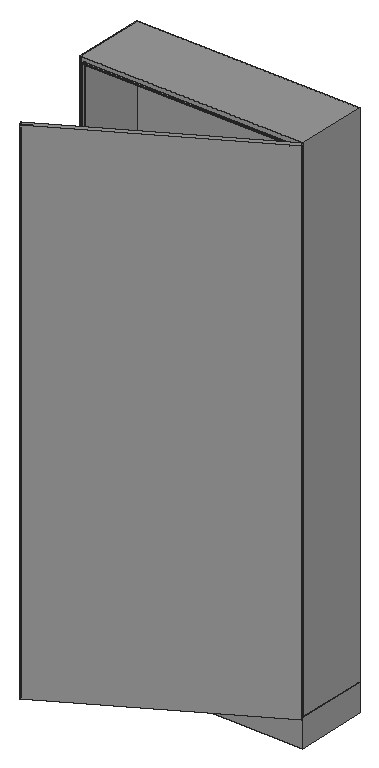
Revit family "Hager-Univers-IP55-D275-H1950-Cl.I-Steel_encl-NoHosted-PT-pt", category Electrical Equipment, Revit 2020
Family settings
  Panel Configuration = Two Columns, Circuits Across
  Round Connector Dimension = Use Diameter
  Part Type = Panelboard
  Work Plane-Based = Yes
  Always vertical = Yes
  Cut with Voids When Loaded = No
  Shared = No
  Room Calculation Point = No
Parameters (values of type "Instalação de piso IP55 L800 A1950 P275  - FR23E1")
  Width Control [instance] = if([EF000008 - Largura] > Min Width, [EF000008 - Largura], Min Width)  # 800 mm
  Type Comments = [HG000003 - Gama]  # "Univers"
  Thickness Door [instance] = if([EF009171 - Espessura do material da porta/tampa] > 3 mm, 3 mm, [EF009171 - Espessura do material da porta/tampa])  # 1.5 mm
  Seal Frame Offset [instance] = 17 mm  # constant formula
  Plinth Visibility [instance] = [HG000027 - Altura da Plinta] > 0 mm  # yes
  Min Width [instance] = 100 mm  # constant formula
  Min Depth [instance] = (2 * [EF009170 - Espessura do material do invólucro]) + 1 mm  # 4 mm
  Min Height [instance] = 100 mm  # constant formula
  Internal Frame Depth [instance] = (Door System Depth * 0.5)  # 9 mm
  Panel Name [instance] = ""  # (empty or 0)
  Model = ""
  HG000027 - Altura da Plinta = 100 mm
  HG000026 - Instalação no chão = yes
  HG000024 - Altura da secção inferior = 600 mm
  HG000023 - Recinto de secção dupla = no
  HG000016 - Visibilidade da porta 3D [instance] = yes
  HG000015 - Visibilidade através da porta [instance] = no
  HG000014 - Porta à direita [instance] = yes
  HG000013 - Porta à esquerda [instance] = not([HG000014 - Porta à direita])  # no
  HG000012 - Ângulo de abertura de porta [instance] = 30.00°
  HG000010 - Portas assimétricas = no
  HG000009 - Porta dupla = no
  HG000006 - Encastrado = no
  HG000004 - Referência do Fabricante = "FR23E1"
  HG000003 - Gama = "Univers"
  HG000002 - Com porta ou tampa = yes
  Frame Offset Bottom [instance] = 10 mm  # constant formula
  Frame Offset [instance] = 15 mm  # constant formula
  EF015940 - Tampa com libertação de sobrepressão = no
  EF011959 - Grau de proteção (NEMA) = ""
  EF009554 - Número de aberturas para placas de flange = 6
  EF009212 - Tipo de tampa = "EV000116 - Fechado"
  EF009171 - Espessura do material da porta/tampa = 1.5 mm
  EF009170 - Espessura do material do invólucro = 1.5 mm
  EF008873 - Corrente nominal (In) = 800 A
  EF007800 - Adequado para proteção contra raios = no
  EF006306 - Com fecho = no
  EF006244 - Tampa/porta transparente = no
  EF005474 - Grau de proteção (IP) = "EV006420 - IP55"
  EF004464 - Tipo de porta = "EV002646 - Único"
  EF004427 - Número de módulos = 432
  EF004293 - Força de impacto = "EV008784 - IK10"
  EF003532 - Adequado para uso no exterior = no
  EF002950 - Largura em número de módulos = 24
  EF001613 - Integridade do circuito = "EV000494 - Nenhum"
  EF001596 - Material do corpo = "EV000179 - Aço"
  EF001131 - Profundidade interior = 275 mm
  EF001088 - Extensão possível = yes
  EF000437 - Número de entradas de condutores = 6
  EF000339 - Tipo de difusor = "EV004216 - Porta"
  EF000266 - Número de linhas = 12
  EF000218 - Profundidade incorporada = 0 mm
  EF000118 - Com tampa de montagem = no
  EF000116 - Número RAL = "7035"
  EF000049 - Profundidade = 275 mm
  EF000040 - Altura = 1950 mm
  EF000008 - Largura = 800 mm
  EF000007 - Cor = "EV000270 - Cinzento"
  EF000003 - Método de montagem = "EV012274 - Instalação de piso"
  Door System Leaf Tolerance [instance] = 1.5 mm  # constant formula
  Door System Depth [instance] = 18 mm  # constant formula
  Door Height [instance] = Height Control - [HG000027 - Altura da Plinta]  # 1850 mm
  Description = ""
  Default Elevation = 1219.2 mm
  Connector Offset [instance] = Height Control / 2  # 975 mm
  Manufacturer = "Hager"  # constant formula
  Height Control [instance] = if([EF000040 - Altura] > Min Height, [EF000040 - Altura], Min Height)  # 1950 mm
  Depth Control [instance] = if([EF000049 - Profundidade] > Min Depth, [EF000049 - Profundidade], Min Depth)  # 275 mm
  Bottom Top Plate Trim [instance] = 1.5 mm  # constant formula
  Plinth height Ctrl [instance] = if([HG000027 - Altura da Plinta] > 0 mm, [HG000027 - Altura da Plinta], 12 mm)  # 100 mm
Types (4, lengths in mm): name | Width Control | HG000010 - Portas assimétricas | HG000009 - Porta dupla | HG000004 - Referência do Fabricante | EF009554 - Número de aberturas para placas de flange | EF004464 - Tipo de porta | EF004427 - Número de módulos | EF000437 - Número de entradas de condutores | EF000008 - Largura
  Instalação de piso IP55 L1050 A1950 P275  - FR24E1 | 1050 | yes | yes | "FR24E1" | 8 | "EV003602 - Duplo" | 576 | 8 | 1050
  Instalação de piso IP55 L1300 A1950 P275  - FR25E1 | 1300 | yes | yes | "FR25E1" | 10 | "EV003602 - Duplo" | 720 | 10 | 1300
  Instalação de piso IP55 L1550 A1950 P275  - FR26E1 | 1550 | yes | yes | "FR26E1" | 12 | "EV003602 - Duplo" | 864 | 12 | 1550
  Instalação de piso IP55 L800 A1950 P275  - FR23E1 | 800 | no | no | "FR23E1" | 6 | "EV002646 - Único" | 432 | 6 | 800
Reference planes
  plane 1 "Center (Front/Back)": y = 0
  plane 2: z = 0
  plane 3 "Center (Left/Right)": x = 0
  plane 4: y = 0
  plane 5: y = 0
  plane 6: z = 0
  plane 7: x = -400
  plane 8: x = 400
  plane 9: x = 398.5
  plane 10: x = -398.5
  plane 11: z = 100
  plane 12: z = 101.5
  plane 13: y = -275
  plane 14: y = -1.5
  plane 15: x = 0
  plane 16: y = -257
  plane 17: y = -273.5
  plane 18: y = -255.5
  plane 19: x = -383.5
  plane 20: x = 383.5
  plane 21: z = 111.5
  plane 22: x = -383
  plane 23: x = 383
  plane 24: z = 100
  plane 25: z = 1950
  plane 26: z = 1950
  plane 27: z = 1933.5
  plane 28: z = 1948.5
Forms (mm)
  Extrusion 1, solid, material "Hager_Steel_RAL7035_Light_Grey", detail levels medium+fine
    sketch origin (-208.679, -4572, 100) x (-1, 0, 0) y (0, -1, 0)
      loop
        line (191.321, -4315) -> (-608.679, -4315) -> (-608.679, -4572) -> (191.321, -4572) -> (191.321, -4315)
    from 0 to 1850
  Extrusion 2, void
    sketch origin (-350.771, -275, 1219.2) x (1, 0, 0) y (0, 0, 1)
      loop
        line (-47.729, 729.3) -> (-47.729, -1117.7) -> (749.271, -1117.7) -> (749.271, 729.3) -> (-47.729, 729.3)
    from -19.5 to -273.5
  Extrusion 3, void
    sketch origin (-290.084, -257, 1219.2) x (1, 0, 0) y (0, 0, 1)
      loop
        line (-93.416, -1107.7) -> (673.584, -1107.7) -> (673.584, 714.3) -> (-93.416, 714.3) -> (-93.416, -1107.7)
    from 0 to -1.5
  Extrusion 4, solid, material "Hager_Steel_RAL7035_Light_Grey", visible <- "Plinth Visibility", detail levels medium+fine
    sketch origin (0, 0, 0) x (1, 0, 0) y (0, 1, 0)
      loop
        line (-400, 0) -> (-400, -257) -> (400, -257) -> (400, 0) -> (-400, 0)
    from 0 to 100 <- "Plinth height Ctrl"
  Extrusion 5, solid, material "Hager_Steel_RAL7035_Light_Grey", detail levels coarse
    sketch origin (0, 0, 0) x (1, 0, 0) y (0, 1, 0)
      loop
        line (-400, 0) -> (-400, -275) -> (400, -275) -> (400, 0) -> (-400, 0)
    from 0 to 1950 <- "Height Control"
  Sweep 6, void
    path in 3D
      loop
        line (-400, -257, 100) -> (400, -257, 100) -> (400, 0, 100) -> (-400, 0, 100) -> (-400, -257, 100)
    profile origin (-400, -128.5, 100) x (1, 0, 0) y (0, 0, 1)
      loop
        line (0, 0) -> (0, -1.5) -> (1.5, -1.5)
        arc (1.5, -1.5) -> (1.061, -0.439) -> (0, 0) r 1.5
  Extrusion 7, solid, material "Hager_Steel_RAL7035_Light_Grey", detail levels fine
    sketch origin (-400, -257, 100) x (1, 0, 0) y (0, 0, 1)
      loop
        line (16.5, 11.5) -> (783.5, 11.5) -> (783.5, 1833.5) -> (16.5, 1833.5) -> (16.5, 11.5)
      loop
        line (15, 10) -> (785, 10) -> (785, 1835) -> (15, 1835) -> (15, 10)
    from 0 to 9 <- "Internal Frame Depth"
Cuts and joins
  Extrusion 2, Extrusion 3 cuts Extrusion 1
  Sweep 6 cuts Extrusion 4
Lines and regions (mm)
  Masking region 1
    outline origin (0, 0, 0) x (1, 0, 0) y (0, 1, 0)
      loop
        line (-400, 0) -> (-400, -275) -> (400, -275) -> (400, 0) -> (-400, 0)
  Masking region 2, detail levels coarse
    outline origin (-290.084, -257, 1219.2) x (-1, 0, 0) y (0, 0, 1)
      loop
        line (-690.084, -1219.2) -> (109.916, -1219.2) -> (109.916, 730.8) -> (-690.084, 730.8) -> (-690.084, -1219.2)
  Masking region 3, detail levels coarse
    outline origin (0, 0, 0) x (0, 1, 0) y (0, 0, 1)
      loop
        line (0, 0) -> (0, 1950) -> (-275, 1950) -> (-275, 0) -> (0, 0)
  Masking region 4, visible <- "Plinth Visibility", detail levels medium+fine
    outline origin (0, 0, 0) x (0, 1, 0) y (0, 0, 1)
      loop
        line (-1.5, 100) -> (-255.5, 100)
        arc (-255.5, 100) -> (-255.939, 98.939) -> (-257, 98.5) r 1.5
        line (-257, 98.5) -> (-257, 0) -> (0, 0) -> (0, 98.5)
        arc (0, 98.5) -> (-1.061, 98.939) -> (-1.5, 100) r 1.5
  Masking region 5, detail levels medium+fine
    outline origin (0, 0, 594.038) x (0, 1, 0) y (0, 0, 1)
      loop
        line (0, -494.038) -> (0, 1355.962) -> (-257, 1355.962) -> (-257, -494.038) -> (0, -494.038)
  Masking region 6, detail levels medium+fine
    outline origin (-359.7, -257, 1211.883) x (-1, 0, 0) y (0, 0, 1)
      loop
        line (-759.7, -1111.883) -> (40.3, -1111.883) -> (40.3, 738.117) -> (-759.7, 738.117) -> (-759.7, -1111.883)
  Masking region 7, visible <- "Plinth Visibility", detail levels medium+fine
    outline origin (-320.334, -257, 1041.368) x (-1, 0, 0) y (0, 0, 1)
      loop
        line (-720.334, -1041.368) -> (79.666, -1041.368) -> (79.666, -942.868)
        arc (79.666, -942.868) -> (78.606, -942.429) -> (78.166, -941.368) r 1.5
        line (78.166, -941.368) -> (-718.834, -941.368)
        arc (-718.834, -941.368) -> (-719.273, -942.429) -> (-720.334, -942.868) r 1.5
        line (-720.334, -942.868) -> (-720.334, -1041.368)
  sketch lines
    curve 1: line (-400, 0, 100) -> (-400, -257, 100)
    curve 2: line (-400, -257, 100) -> (400, -257, 100)
    curve 3: line (400, 0, 100) -> (-400, 0, 100)
    curve 4: line (400, -257, 100) -> (400, 0, 100)
Dimensions and locks
  locked: plane 1 "Center (Front/Back)" to plane 5
  "EF009170 - Espessura do material do invólucro": plane 7 to plane 10
  "EF009170 - Espessura do material do invólucro": plane 8 to plane 9
  equal spacing: plane 7, plane 3 "Center (Left/Right)", plane 8
  "Width Control": plane 7 to plane 8
  "Depth Control": plane 4 to plane 13
  "EF009170 - Espessura do material do invólucro": plane 4 to plane 14
  "Height Control": plane 25 to level
  "HG000027 - Altura da Plinta": plane 11 to level
  "EF009170 - Espessura do material do invólucro": plane 12 to plane 11
  "EF009170 - Espessura do material do invólucro": plane 17 to plane 13
  "EF009170 - Espessura do material do invólucro": plane 18 to plane 16
  "Frame Offset Bottom": plane 21 to plane 12
  "Frame Offset": plane 10 to plane 19
  "Frame Offset": plane 9 to plane 20
  "Door System Depth": plane 16 to plane 13
  "Seal Frame Offset": plane 7 to plane 22
  "Seal Frame Offset": plane 8 to plane 23
  "EF009170 - Espessura do material do invólucro": plane 26 to plane 28
  "Frame Offset": plane 28 to plane 27
  "Connector Offset": plane 2 to connector elem
  "Bottom Top Plate Trim": profile plane to Sweep 6 sketch curve
  "Bottom Top Plate Trim": Sweep 6 sketch curve to Sweep 6 sketch curve
  "Plinth height Ctrl": Masking region 4 sketch curve to level
  "Plinth height Ctrl": Masking region 7 sketch curve to level
  "Thickness Door": Extrusion 7 sketch curve to Extrusion 7 sketch curve  (x4)
  "Bottom Top Plate Trim": radius of Sweep 6 sketch curve
  "Bottom Top Plate Trim": radius of Masking region 4 sketch curve  (x2)
  "Bottom Top Plate Trim": radius of Masking region 7 sketch curve  (x2)
  aligned and locked: Extrusion 2 sketch curve to plane 12
  aligned and locked: Extrusion 2 sketch curve to plane 9
  aligned and locked: Extrusion 2 sketch curve to plane 10
  aligned and locked: Extrusion 2 to plane 14
  aligned and locked: Extrusion 1 sketch curve to plane 4
  aligned and locked: plane 8 to Extrusion 1 sketch curve
  aligned and locked: plane 7 to Extrusion 1 sketch curve
  aligned and locked: Extrusion 2 to plane 18
  aligned and locked: Extrusion 3 sketch curve to plane 19
  aligned and locked: plane 20 to Extrusion 3 sketch curve
  aligned and locked: Extrusion 3 to Extrusion 2
  aligned and locked: Extrusion 3 sketch curve to plane 21
  aligned and locked: plane 3 "Center (Left/Right)" to nested 1
  aligned and locked: Extrusion 1 sketch curve to plane 16
  aligned and locked: Extrusion 4 sketch curve to cut or joined group of Extrusion 1, Extrusion 2, Extrusion 3
  aligned and locked: Masking region 1 sketch curve to plane 7
  aligned and locked: Masking region 1 sketch curve to plane 5
  aligned and locked: Masking region 1 sketch curve to plane 8
  aligned and locked: Masking region 2 sketch curve to level
  aligned and locked: level to Masking region 3 sketch curve
  aligned and locked: plane 1 "Center (Front/Back)" to Masking region 3 sketch curve
  aligned and locked: plane 13 to Masking region 3 sketch curve
  aligned and locked: plane 5 to Masking region 4 sketch curve
  aligned and locked: Masking region 2 sketch curve to plane 8
  aligned and locked: Masking region 2 sketch curve to plane 7
  aligned and locked: plane 7 to nested 2
  aligned and locked: nested 2 to plane 5
  aligned and locked: plane 5 to Masking region 5 sketch curve
  aligned and locked: plane 26 to Masking region 5 sketch curve
  aligned and locked: Extrusion 5 sketch curve to plane 8
  aligned and locked: Extrusion 5 sketch curve to plane 7
  aligned and locked: Extrusion 5 sketch curve to plane 5
  aligned and locked: Extrusion 3 sketch curve to plane 27
  aligned and locked: Extrusion 2 sketch curve to plane 28
  aligned and locked: Masking region 2 to plane 25
  aligned and locked: Extrusion 4 to plane 16
  aligned and locked: profile plane to Sweep 6 sketch curve
  aligned and locked: Masking region 5 sketch curve to plane 24
  aligned and locked: level to Masking region 4 sketch curve
  aligned and locked: Masking region 1 to plane 13
  aligned and locked: nested 1 to plane 16
  aligned and locked: Masking region 3 to plane 25
  aligned and locked: plane 16 to Masking region 4 sketch curve
  aligned and locked: Masking region 5 sketch curve to plane 16
  aligned and locked: plane 24 to plane 11
  aligned and locked: plane 26 to plane 25
  aligned and locked: plane 26 to cut or joined group of Extrusion 1, Extrusion 2, Extrusion 3
  aligned and locked: nested 1 to plane 24
  aligned and locked: Extrusion 1 to Extrusion 3
  aligned and locked: Masking region 6 sketch curve to plane 8
  aligned and locked: Masking region 6 sketch curve to plane 24
  aligned and locked: Masking region 6 sketch curve to plane 7
  aligned and locked: Masking region 6 sketch curve to plane 26
  aligned and locked: Masking region 7 sketch curve to plane 7
  aligned and locked: level to Masking region 7 sketch curve
  aligned and locked: Masking region 7 sketch curve to plane 8
  aligned and locked: Extrusion 7 sketch curve to cut or joined group of Extrusion 1, Extrusion 2, Extrusion 3  (x4)
Automatic sketch dimensions
  plane 19 to Extrusion 3 sketch curve = 0 mm
  Extrusion 3 sketch curve to plane 20 = 0 mm
  Extrusion 3 sketch curve to plane 21 = 0 mm
  Extrusion 4 sketch curve to plane 7 = 0 mm
  Extrusion 4 sketch curve to plane 8 = 0 mm
  Extrusion 4 sketch curve to plane 16 = 0 mm
  Masking region 1 sketch curve to plane 13 = 0 mm
  Masking region 2 sketch curve to plane 25 = 0 mm
  Masking region 3 sketch curve to plane 25 = 0 mm
  Extrusion 5 sketch curve to plane 13 = 0 mm
  profile plane to Sweep 6 sketch curve = 0 mm
Nested families
  nested 1: "EC000058_Univers_Door" at (0, -257, 100), Double <- "HG000009 - Porta dupla", Transparent <- "EF006244 - Tampa/porta transparente", Angle <- "HG000012 - Ângulo de abertura de porta", Door_Right <- "HG000014 - Porta à direita", Assymetrical <- "HG000010 - Portas assimétricas", Door <- "HG000002 - Com porta ou tampa", Width_Ctrl <- "Width Control", 3d_Door <- "HG000016 - Visibilidade da porta 3D", Clearance <- "HG000015 - Visibilidade através da porta", Door_Left <- "HG000013 - Porta à esquerda", Width <- "Width Control", Door_Depth <- "Door System Depth", Leaf_Tolerance <- "Door System Leaf Tolerance", Height <- "Door Height", Lock_Visibility <- "EF006306 - Com fecho", Thickness <- "Thickness Door", type "EC000058_Univers_Door", detail levels medium+fine
    with min_wh 4 mm, Width_Ctrl 800 mm, Width 800 mm, Transparent no, Thickness 1.5 mm, Seal_Material Hager_Rubber, Lock_Visibility no, Lock_Material Hager_Plastic_RAL9005_Jet_Black, Leaf_Width 800 mm, Leaf_Tolerance_External_Sides 0 mm, Leaf_Tolerance 1.5 mm, Leaf_Offset 0 mm, Leaf_Height 1847 mm, Leaf_2_Width 800 mm, Leaf_2_Offset 400 mm, Leaf_1_Width 800 mm, Leaf_1_Offset 400 mm, Height_Ctrl 1850 mm, Height 1850 mm, Glass_Material Hager_Glass, Double_Clearance_Ctrl no, Double no, Door_Right_Ctrl yes, Door_Right yes, Door_Material Hager_Steel_RAL7035_Light_Grey, Door_Left_Ctrl no, Door_Left no, Door_Depth 18 mm, Door yes, Clearance_Material Hager_Clearance, Clearance_Depth 800 mm, Clearance_Ctrl no, Clearance no, Assymetrical no, Angle 30.00°, 3d_Door yes
  nested 2: "Hager_Enclosure_Symbol" at (-400, 0, 0), Height <- "Depth Control", Width <- "Width Control", type "Hager_Enclosure_Symbol"
    with Width_Ctrl 800 mm, Width 800 mm, Height_Ctrl 275 mm, Height 275 mm, A_Width_Int 18.047 mm, A_Width 216.562 mm, A_Height_Ctrl 240.625 mm, A_Height 240.625 mm
Connectors
  electrical at (0, 0, 975)
    settings: on plane 1 "Center (Front/Back)", index 1, voltage 0 V, apparent load 0 VA, apparent load phase1 0 VA, apparent load phase2 0 VA, apparent load phase3 0 VA, power factor 1, load classification "Other", number of poles 1, system type 30, power factor state 1, is connector primary yes, connector utility no, sub classification motor no, connector description ""
Definition of nested family "EC000058_Univers_Door"
  Parameters (values of type "EC000058_Univers_Door")
    min_wh [instance] = (2 * Thickness) + 1 mm  # 11 mm
    Width_Ctrl [instance] = 400 mm
    Width [instance] = 500 mm
    Transparent [instance] = yes
    Thickness [instance] = 5 mm
    Seal_Material [instance] = none
    Lock_Visibility [instance] = yes
    Lock_Material [instance] = none
    Leaf_Width [instance] = if((Width_Ctrl - 2 * Leaf_Tolerance_External_Sides) > 0 mm, (Width_Ctrl - 2 * Leaf_Tolerance_External_Sides), min_wh)  # 400 mm
    Leaf_Tolerance_External_Sides [instance] = 0 mm  # constant formula
    Leaf_Tolerance [instance] = 1.5 mm
    Leaf_Offset [instance] = 0 mm  # constant formula
    Leaf_Height [instance] = if((Height_Ctrl - 2 * Leaf_Tolerance) > 0 mm, (Height_Ctrl - 2 * Leaf_Tolerance), min_wh)  # 497 mm
    Leaf_2_Width [instance] = if(and(and(Double, Assymetrical), Door_Left), (Leaf_Width / 3) - (Leaf_Tolerance / 2), if(and(and(Double, Assymetrical), Door_Right), (Leaf_Width / 3) * 2 - (Leaf_Tolerance / 2), if(and(Double, not(Assymetrical)), (Leaf_Width / 2) - Leaf_Tolerance, Leaf_Width)))  # 400 mm
    Leaf_2_Offset [instance] = if(and(Double, Assymetrical), Leaf_2_Width / 2, if(and(Double, not(Assymetrical)), Leaf_Width / 4, Leaf_Width / 2))  # 200 mm
    Leaf_1_Width [instance] = if(and(and(Double, Assymetrical), Door_Right), (Leaf_Width / 3) - (Leaf_Tolerance / 2), if(and(and(Double, Assymetrical), Door_Left), (Width / 3) * 2 - (Leaf_Tolerance / 2), if(and(Double, not(Assymetrical)), (Leaf_Width / 2) - Leaf_Tolerance, Leaf_Width)))  # 400 mm
    Leaf_1_Offset [instance] = if(and(Double, Assymetrical), Leaf_1_Width / 2, if(and(Double, not(Assymetrical)), Leaf_Width / 4, Leaf_Width / 2))  # 200 mm
    Height_Ctrl [instance] = if(Height > min_wh, Height, min_wh)  # 500 mm
    Height [instance] = 500 mm
    Glass_Material [instance] = none
    Double_Clearance_Ctrl [instance] = and(Double, Clearance)  # no
    Double [instance] = no
    Door_Right_Ctrl [instance] = and(or(Door_Right, Double), Door)  # yes
    Door_Right [instance] = yes
    Door_Material [instance] = none
    Door_Left_Ctrl [instance] = and(or(Door_Left, Double), Door)  # no
    Door_Left [instance] = no
    Door_Depth [instance] = 30 mm
    Door [instance] = yes
    Default Elevation = 1219.2 mm
    Clearance_Material [instance] = none
    Clearance_Depth [instance] = if(Leaf_1_Width > Leaf_2_Width, Leaf_1_Width, Leaf_2_Width)  # 400 mm
    Clearance_Ctrl [instance] = and(not(Double), Clearance)  # yes
    Clearance [instance] = yes
    Assymetrical [instance] = yes
    Angle [instance] = 30.00°
    3d_Door [instance] = yes
  Reference planes
    plane 1 "Center (Front/Back)": y = 0
    plane 2 "Bottom": z = 0
    plane 3 "Center (Left/Right)": x = 0
    plane 4: z = 500
    plane 5: x = -200
    plane 6: x = 200
    plane 7: z = 500
    plane 8: x = -200
    plane 9: z = 0
    plane 10: x = 200
    plane 11: y = 0
    plane 12: z = 1.5
    plane 13: x = -600
    plane 14: y = -400
    plane 15: x = 600
    plane 16: x = 0
    plane 17: x = 0
    plane 18: x = -200
    plane 19: x = 200
    plane 20: z = 498.5
  Forms (mm)
    Extrusion 1, solid, material <- "Clearance_Material", visible <- "Double_Clearance_Ctrl"
      sketch origin (1200, 0, 0) x (1, 0, 0) y (0, 0, -1)
        loop
          line (-1800, -498.5) -> (-600, -498.5) -> (-600, 0) -> (-1800, 0) -> (-1800, -498.5)
      from 0 to -400
  Dimensions and locks
    equal spacing: plane 5, plane 3 "Center (Left/Right)", plane 6
    "Width_Ctrl": plane 5 to plane 6
    "Leaf_Offset": plane 5 to plane 8
    "Leaf_Offset": plane 6 to plane 10
    "Leaf_Offset": plane 9 to level
    "Leaf_Offset": plane 4 to plane 7
    "Height_Ctrl": plane 4 to level
    "Leaf_Tolerance": plane 12 to plane 9
    locked: plane 11 to plane 1 "Center (Front/Back)"
    "Leaf_1_Offset": plane 18 to plane 16
    "Leaf_2_Offset": plane 17 to plane 19
    "Leaf_1_Width": plane 13 to plane 8
    "Leaf_2_Width": plane 10 to plane 15
    "Clearance_Depth": plane 14 to plane 1 "Center (Front/Back)"
    "Leaf_Tolerance_External_Sides": plane 8 to plane 18
    "Leaf_Tolerance_External_Sides": plane 19 to plane 10
    "Leaf_Tolerance": plane 7 to plane 20
    aligned and locked: level to plane 2 "Bottom"
    aligned and locked: nested 1 to plane 16
    aligned and locked: nested 2 to plane 17
    aligned and locked: Extrusion 1 to plane 13
    aligned and locked: plane 15 to Extrusion 1
    aligned and locked: Extrusion 1 to plane 14
    aligned and locked: plane 12 to nested 1
    aligned and locked: nested 2 to plane 12
    aligned and locked: Extrusion 1 to plane 11
    aligned and locked: plane 20 to Extrusion 1
    aligned and locked: nested 2 to plane 11
    aligned and locked: nested 1 to plane 11
  Automatic sketch dimensions
    Extrusion 1 sketch curve to level = 0 mm
    plane 5 to Extrusion 1 sketch curve = 400 mm
    plane 6 to Extrusion 1 sketch curve = 400 mm
    Extrusion 1 sketch curve to plane 4 = 1.5 mm
  Nested families
    nested 1: "EC000058_Univers_Door_Leaf" at (0, 0, 1.5), Width <- "Leaf_1_Width", visible <- "Door_Left_Ctrl", Leaf_Height <- "Leaf_Height", Angle <- "Angle", 3d_Door <- "3d_Door", Transparent <- "Transparent", Clearance Material <- "Clearance_Material", Clearance <- "Clearance_Ctrl", Door_Material <- "Door_Material", Glass_Material <- "Glass_Material", Door_Depth <- "Door_Depth", Lock_Material <- "Lock_Material", Seal_Material <- "Seal_Material", Lock_Visibility <- "Lock_Visibility", Thickness <- "Thickness", type "EC000058_Univers_Door_Leaf"
      with Width 400 mm, Transparent_Glass_Offset 30 mm, Transparent_Ctrl yes, Transparent yes, Thickness 5 mm, Standard no, Seal_Material none, Seal_D2 8 mm, Seal_D1 1 mm, Offset_Internal_Frame 10 mm, Lock_Width 20 mm, Lock_Visibility_3d yes, Lock_Visibility yes, Lock_Thickness_3 3 mm, Lock_Thickness_2 1 mm, Lock_Thickness_1 3 mm, Lock_Radius_Offset_2 16 mm, Lock_Radius_Offset_1 15 mm, Lock_Radius_2 5 mm, Lock_Radius 6 mm, Lock_Offset 5 mm, Lock_Material none, Lock_Height 80 mm, Lock_Cover_Top_Offset_2d 17 mm, Lock_Cover_Height -65 mm, Leaf_Height 497 mm, Internal_Seal_Thickness 8 mm, Internal_Seal_Depth_2 4.5 mm, Internal_Frame_Depth 25 mm, Glass_Thickness -1 mm, Glass_Offset -2 mm, Glass_Material none, Door_Material none, Door_Depth 30 mm, Clearance Material none, Clearance yes, Angle_Ctrl 30.00°, Angle 30.00°, 3d_Door yes
    nested 2: "EC000058_Univers_Door_Leaf" at (0, 0, 1.5) x (-1, 0, 0) z (0, 0, 1), Width <- "Leaf_2_Width", visible <- "Door_Right_Ctrl", Leaf_Height <- "Leaf_Height", Angle <- "Angle", 3d_Door <- "3d_Door", Transparent <- "Transparent", Clearance Material <- "Clearance_Material", Clearance <- "Clearance_Ctrl", Door_Material <- "Door_Material", Glass_Material <- "Glass_Material", Door_Depth <- "Door_Depth", Lock_Material <- "Lock_Material", Seal_Material <- "Seal_Material", Lock_Visibility <- "Lock_Visibility", Thickness <- "Thickness", type "EC000058_Univers_Door_Leaf"
      with Width 400 mm, Transparent_Glass_Offset 30 mm, Transparent_Ctrl yes, Transparent yes, Thickness 5 mm, Standard no, Seal_Material none, Seal_D2 8 mm, Seal_D1 1 mm, Offset_Internal_Frame 10 mm, Lock_Width 20 mm, Lock_Visibility_3d yes, Lock_Visibility yes, Lock_Thickness_3 3 mm, Lock_Thickness_2 1 mm, Lock_Thickness_1 3 mm, Lock_Radius_Offset_2 16 mm, Lock_Radius_Offset_1 15 mm, Lock_Radius_2 5 mm, Lock_Radius 6 mm, Lock_Offset 5 mm, Lock_Material none, Lock_Height 80 mm, Lock_Cover_Top_Offset_2d 17 mm, Lock_Cover_Height -65 mm, Leaf_Height 497 mm, Internal_Seal_Thickness 8 mm, Internal_Seal_Depth_2 4.5 mm, Internal_Frame_Depth 25 mm, Glass_Thickness -1 mm, Glass_Offset -2 mm, Glass_Material none, Door_Material none, Door_Depth 30 mm, Clearance Material none, Clearance yes, Angle_Ctrl 30.00°, Angle 30.00°, 3d_Door yes
  Definition of nested family "EC000058_Univers_Door_Leaf"
    Parameters (values of type "EC000058_Univers_Door_Leaf")
      Width [instance] = 2000 mm
      Transparent_Glass_Offset [instance] = 30 mm
      Transparent_Ctrl [instance] = and(Transparent, [3d_Door])  # yes
      Transparent [instance] = yes
      Thickness [instance] = 5 mm
      Standard [instance] = and(not(Transparent), [3d_Door])  # no
      Seal_Material [instance] = none
      Seal_D2 [instance] = 8 mm  # constant formula
      Seal_D1 [instance] = 1 mm  # constant formula
      Offset_Internal_Frame [instance] = 10 mm  # constant formula
      Lock_Width [instance] = 20 mm  # constant formula
      Lock_Visibility_3d [instance] = and(Lock_Visibility, [3d_Door])  # yes
      Lock_Visibility [instance] = yes
      Lock_Thickness_3 [instance] = 3 mm  # constant formula
      Lock_Thickness_2 [instance] = 1 mm  # constant formula
      Lock_Thickness_1 [instance] = 3 mm  # constant formula
      Lock_Radius_Offset_2 [instance] = Lock_Radius_Offset_1 + 1 mm  # 16 mm
      Lock_Radius_Offset_1 [instance] = 15 mm  # constant formula
      Lock_Radius_2 [instance] = Lock_Radius - 1 mm  # 5 mm
      Lock_Radius [instance] = 6 mm  # constant formula
      Lock_Offset [instance] = 5 mm  # constant formula
      Lock_Material [instance] = none
      Lock_Height [instance] = 80 mm  # constant formula
      Lock_Cover_Top_Offset_2d [instance] = Lock_Radius_Offset_2 + 1 mm  # 17 mm
      Lock_Cover_Height [instance] = -(Lock_Height - Lock_Radius_Offset_1)  # -65 mm
      Leaf_Height [instance] = 2720.336 mm
      Internal_Seal_Thickness [instance] = 8 mm  # constant formula
      Internal_Seal_Depth_2 [instance] = 4.5 mm  # constant formula
      Internal_Frame_Depth [instance] = if(Door_Depth - Thickness > 5 mm, Door_Depth - Thickness, 5 mm)  # 25 mm
      Glass_Thickness [instance] = if(Thickness > 15 mm, Glass_Offset + 10 mm, -1 mm)  # -1 mm
      Glass_Offset [instance] = if(Thickness > 15 mm, -(Thickness + 10 mm) / 2, -2 mm)  # -2 mm
      Glass_Material [instance] = none
      Door_Material [instance] = none
      Door_Depth [instance] = 30 mm
      Default Elevation = 0 mm
      Clearance Material [instance] = none
      Clearance [instance] = yes
      Angle_Ctrl [instance] = if(Angle > 180.00°, 180.00°, Angle)  # 90.00°
      Angle [instance] = 90.00°
      3d_Door [instance] = yes
    Reference planes
      plane 1 "Center (Front/Back)": y = 0
      plane 2: z = 0
      plane 3 "Center (Left/Right)": x = 0
      plane 4: y = 2000
      plane 5: x = -1000
      plane 6: x = 1000
      plane 7: x = -3000
      plane 8: z = 2720.336
      plane 9: z = 30
      plane 10: z = 2690.336
      plane 11: x = 970
      plane 12: x = -970
      plane 13: y = -3
      plane 14: z = 107.833
      plane 15: y = -5
      plane 16: y = -223.314
      plane 17: x = -1000
      plane 18: z = 1360.168
      plane 19: y = 30
    Forms (mm)
      Extrusion 1, solid, material <- "Clearance Material", visible <- "Clearance"
        sketch origin (0, 0, 0) x (1, 0, 0) y (0, 0, 1)
          loop
            line (-3000, 2720.336) -> (-3000, 0) -> (1000, 0) -> (1000, 2720.336) -> (-3000, 2720.336)
        from 0 to -2000
      Extrusion 2, solid, material <- "Door_Material", visible <- "Standard", detail levels medium+fine
        sketch origin (-1000, 0, 0) x (0, 1, 0) y (-1, 0, 0)
          loop
            line (0, 30) -> (0, 25) -> (2000, 25) -> (2000, 30) -> (0, 30)
        from 0 to 2720.336 <- "Leaf_Height"
      Extrusion 3, solid, material <- "Door_Material", visible <- "Transparent_Ctrl", detail levels medium+fine
        sketch origin (-1000, 0, 0) x (0, 1, 0) y (-1, 0, 0)
          loop
            line (0, 25) -> (2000, 25) -> (2000, 30) -> (0, 30) -> (0, 25)
        from 0 to 2720.336 <- "Leaf_Height"
      Extrusion 4, void
        sketch origin (-1025, 2000, 0) x (0, 1, 0) y (0, 0, -1)
          loop
            line (-30, -2690.336) -> (-30, -30) -> (-1970, -30) -> (-1970, -2690.336) -> (-30, -2690.336)
        from 0 to 5 <- "Thickness"
      Sweep 5, solid, material <- "Seal_Material", visible <- "Transparent_Ctrl", detail levels fine
        path in 3D
          loop
            line (-1025, 30, 30) -> (-1025, 30, 2690.336) -> (-1025, 1970, 2690.336) -> (-1025, 1970, 30) -> (-1025, 30, 30)
        profile origin (-1025, 1000, 30) x (1, 0, 0) y (0, 0, 1)
          loop
            line (0, 0) -> (0, -8) -> (1, -8) -> (1, 0) -> (0, 0)
      Extrusion 6, solid, material <- "Glass_Material", visible <- "Transparent_Ctrl", detail levels medium+fine
        sketch origin (-1030, 0, 0) x (0, 1, 0) y (0, 0, -1)
          loop
            line (1970, -2690.336) -> (1970, -30) -> (30, -30) -> (30, -2690.336) -> (1970, -2690.336)
        from -2 <- "Glass_Offset" to -1 <- "Glass_Thickness"
      Extrusion 7, solid, material <- "Door_Material", visible <- "3d_Door", detail levels medium+fine
        sketch origin (-1025, 2000, 0) x (0, -1, 0) y (0, 0, -1)
          loop
            line (0, -2720.336) -> (2000, -2720.336) -> (2000, 0) -> (0, 0) -> (0, -2720.336)
          loop
            line (1995, -5) -> (5, -5) -> (5, -2715.336) -> (1995, -2715.336) -> (1995, -5)
        from 0 to 25 <- "Internal_Frame_Depth"
      Sweep 8, solid, material <- "Seal_Material", visible <- "Transparent_Ctrl", detail levels fine
        path in 3D
          loop
            line (-1025, 0, 0) -> (-1025, 2000, 0) -> (-1025, 2000, 2720.336) -> (-1025, 0, 2720.336) -> (-1025, 0, 0)
        profile origin (-1025, 0, 1360.168) x (1, 0, 0) y (0, 1, 0)
          loop
            line (0, 10) -> (2.975, 10)
            arc (2.975, 10) -> (4.053, 10.447) -> (4.5, 11.525) r 1.525
            line (4.5, 11.525) -> (4.5, 16.527)
            arc (4.5, 16.527) -> (4.069, 17.569) -> (3.027, 18) r 1.473
            line (3.027, 18) -> (0, 18) -> (0, 10)
      Extrusion 9, solid, material <- "Lock_Material", visible <- "Lock_Visibility_3d", detail levels fine
        sketch origin (-1030, 0, 0) x (0, 1, 0) y (0, 0, -1)
          loop
            arc (1993.5, -1400.168) -> (1994.561, -1399.729) -> (1995, -1398.668) r 1.5
            line (1995, -1398.668) -> (1995, -1320.168) -> (1975, -1320.168) -> (1975, -1398.668)
            arc (1975, -1398.668) -> (1975.439, -1399.729) -> (1976.5, -1400.168) r 1.5
            line (1976.5, -1400.168) -> (1993.5, -1400.168)
        from 3 <- "Lock_Thickness_1" to 0
      Blend 10, solid, material <- "Lock_Material", visible <- "Lock_Visibility_3d", detail levels fine
        base sketch origin (-1033, 0, 0) x (0, 1, 0) y (0, 0, -1)
          loop
            line (1975, -1320.168) -> (1975, -1398.668)
            arc (1975, -1398.668) -> (1975.439, -1399.729) -> (1976.5, -1400.168) r 1.5
            line (1976.5, -1400.168) -> (1993.5, -1400.168)
            arc (1993.5, -1400.168) -> (1994.561, -1399.729) -> (1995, -1398.668) r 1.5
            line (1995, -1398.668) -> (1995, -1320.168) -> (1975, -1320.168)
        top sketch origin (-1033, 0, 0) x (0, 1, 0) y (0, 0, -1)
          loop
            line (1976, -1320.168) -> (1976, -1398.668)
            arc (1976, -1398.668) -> (1976.146, -1399.022) -> (1976.5, -1399.168) r 0.5
            line (1976.5, -1399.168) -> (1993.5, -1399.168)
            arc (1993.5, -1399.168) -> (1993.854, -1399.022) -> (1994, -1398.668) r 0.5
            line (1994, -1398.668) -> (1994, -1320.168) -> (1976, -1320.168)
        from 0 to 1 <- "Lock_Thickness_2"
      Blend 11, solid, material <- "Lock_Material", visible <- "Lock_Visibility_3d", detail levels fine
        base sketch origin (-1034, 0, 0) x (0, 1, 0) y (0, 0, -1)
          loop
            line (1978, -1320.168) -> (1978, -1384.168)
            arc (1978, -1384.168) -> (1985, -1391.168) -> (1992, -1384.168) r 7
            line (1992, -1384.168) -> (1992, -1320.168) -> (1978, -1320.168)
        top sketch origin (-1034, 0, 0) x (0, 1, 0) y (0, 0, -1)
          loop
            line (1991, -1320.168) -> (1979, -1320.168) -> (1979, -1383.168)
            arc (1979, -1383.168) -> (1985, -1389.168) -> (1991, -1383.168) r 6
            line (1991, -1383.168) -> (1991, -1320.168)
        from 0 to 3 <- "Lock_Thickness_3"
      Extrusion 12, solid, material <- "Lock_Material", visible <- "Lock_Visibility_3d", detail levels fine
        sketch origin (-1030, 1975, 1320.168) x (1, 0, 0) y (0, -1, 0)
          loop
            line (-7, -19) -> (-7, -1) -> (0, -1) -> (0, 0) -> (-8, 0) -> (-8, -20) -> (0, -20) -> (0, -19) -> (-7, -19)
        from 0 to -65 <- "Lock_Cover_Height"
      Extrusion 13, void
        sketch origin (-1038, 1995, 1320.168) x (-1, 0, 0) y (0, 0, -1)
          loop
            line (-5, -65) -> (0, -65) -> (-5, -60) -> (-5, -65)
        from 0 to 20 <- "Lock_Width"
      Extrusion 14, void
        sketch origin (-1038, 1975, 1320.168) x (0, -1, 0) y (0, 0, -1)
          loop
            circle (-10, -15.995) r 6
          loop
            circle (-10, -15.995) r 5
        from 0 to 2
      Extrusion 15, solid, material <- "Lock_Material", visible <- "Lock_Visibility_3d", detail levels medium
        sketch origin (-1030, 0, 0) x (0, 1, 0) y (0, 0, -1)
          loop
            arc (1993.5, -1400.168) -> (1994.561, -1399.729) -> (1995, -1398.668) r 1.5
            line (1995, -1398.668) -> (1995, -1320.168) -> (1975, -1320.168) -> (1975, -1398.668)
            arc (1975, -1398.668) -> (1975.439, -1399.729) -> (1976.5, -1400.168) r 1.5
            line (1976.5, -1400.168) -> (1993.5, -1400.168)
        from 8 to 0
    Cuts and joins
      Extrusion 4 cuts Extrusion 3
      Extrusion 13, Extrusion 14 cuts Extrusion 9
      Extrusion 14 cuts Blend 11
      Extrusion 13, Extrusion 14 cuts Extrusion 12
      joined: Extrusion 9, Blend 10, Blend 11, Extrusion 12
      Extrusion 14 cuts Extrusion 15
    Lines and regions (mm)
      Masking region 1, visible <- "Lock_Visibility", detail levels fine
        outline origin (0, 0, 0) x (0, 1, 0) y (0, 0, 1)
          loop
            line (30, 1320.168) -> (33, 1320.168) -> (33, 1400.168) -> (30, 1400.168) -> (30, 1320.168)
      Masking region 2, visible <- "Lock_Visibility", detail levels fine
        outline origin (0, 3.143, 0) x (0, 1, 0) y (0, 0, 1)
          loop
            line (29.857, 1354.168) -> (30.857, 1354.168) -> (30.857, 1366.168) -> (29.857, 1366.168) -> (29.857, 1354.168)
      Masking region 3, detail levels medium+fine
        outline origin (0, 0, 0) x (0, 1, 0) y (0, 0, 1)
          loop
            line (0, 0) -> (30, 0) -> (30, 2720.336) -> (0, 2720.336) -> (0, 0)
      Masking region 4, detail levels medium+fine
        outline origin (0, 0, 0) x (1, 0, 0) y (0, 0, 1)
          loop
            line (-1000, 2720.336) -> (-1000, 0) -> (1000, 0) -> (1000, 2720.336) -> (-1000, 2720.336)
      Masking region 5, visible <- "Lock_Visibility", detail levels fine
        outline origin (-47.116, 0, 0) x (1, 0, 0) y (0, 0, 1)
          loop
            arc (1024.616, 1399.168) -> (1023.556, 1398.729) -> (1023.116, 1397.668) r 1.5
            line (1023.116, 1397.668) -> (1023.116, 1320.168) -> (1041.116, 1320.168) -> (1041.116, 1397.668)
            arc (1041.116, 1397.668) -> (1040.677, 1398.729) -> (1039.616, 1399.168) r 1.5
            line (1039.616, 1399.168) -> (1024.616, 1399.168)
      Masking region 6, visible <- "Lock_Visibility", detail levels medium+fine
        outline origin (-25, 0, 0) x (1, 0, 0) y (0, 0, 1)
          loop
            arc (1001.5, 1400.168) -> (1000.439, 1399.729) -> (1000, 1398.668) r 1.5
            line (1000, 1398.668) -> (1000, 1320.168) -> (1020, 1320.168) -> (1020, 1398.668)
            arc (1020, 1398.668) -> (1019.561, 1399.729) -> (1018.5, 1400.168) r 1.5
            line (1018.5, 1400.168) -> (1001.5, 1400.168)
      Masking region 7, visible <- "Lock_Visibility", detail levels fine
        outline origin (-73.735, 0, 0) x (1, 0, 0) y (0, 0, 1)
          loop
            line (1051.735, 1382.168) -> (1065.735, 1382.168) -> (1065.735, 1384.168)
            arc (1065.735, 1384.168) -> (1058.735, 1391.168) -> (1051.735, 1384.168) r 7
            line (1051.735, 1384.168) -> (1051.735, 1382.168)
      Masking region 8, visible <- "Lock_Visibility", detail levels fine
        outline origin (-73.735, 0, 0) x (1, 0, 0) y (0, 0, 1)
          loop
            line (1052.735, 1382.168) -> (1064.735, 1382.168) -> (1064.735, 1383.168)
            arc (1064.735, 1383.168) -> (1058.735, 1389.168) -> (1052.735, 1383.168) r 6
            line (1052.735, 1383.168) -> (1052.735, 1382.168)
      Masking region 9, visible <- "Lock_Visibility", detail levels fine
        outline origin (-25, 0, 0) x (1, 0, 0) y (0, 0, 1)
          loop
            line (1020, 1320.168) -> (1020, 1382.168) -> (1000, 1382.168) -> (1000, 1320.168) -> (1020, 1320.168)
      Masking region 10, detail levels medium+fine
        outline origin (0, 0, 0) x (1, 0, 0) y (0, 0, 1)
          loop
            circle (985, 1335.144) r 6
      Masking region 11, detail levels fine
        outline origin (0, 0, 0) x (1, 0, 0) y (0, 0, 1)
          loop
            circle (985, 1335.144) r 5
      Masking region 12, visible <- "Lock_Visibility", detail levels fine
        outline origin (0, 12.767, 0) x (0, 1, 0) y (0, 0, 1)
          loop
            line (20.233, 1320.168) -> (21.233, 1320.168) -> (21.233, 1399.168) -> (20.233, 1400.168) -> (20.233, 1320.168)
      Masking region 13, visible <- "Lock_Visibility", detail levels fine
        outline origin (0, 13.767, -10) x (0, 1, 0) y (0, 0, 1)
          loop
            line (20.233, 1330.168) -> (23.233, 1330.168) -> (23.233, 1399.168) -> (20.233, 1402.168) -> (20.233, 1330.168)
      Masking region 14, visible <- "Lock_Visibility", detail levels fine
        outline origin (0, 12.767, -10) x (0, 1, 0) y (0, 0, 1)
          loop
            line (20.233, 1330.168) -> (25.233, 1330.168) -> (25.233, 1399.305) -> (20.233, 1394.305) -> (20.233, 1330.168)
      Masking region 15, visible <- "Lock_Visibility", detail levels medium
        outline origin (0, 0, 0) x (0, 1, 0) y (0, 0, 1)
          loop
            line (30, 1320.168) -> (38, 1320.168) -> (38, 1400.168) -> (30, 1400.168) -> (30, 1320.168)
      Masking region 16, visible <- "Lock_Visibility", detail levels fine
        outline origin (-1000, 0, 0) x (0, 1, 0) y (-1, 0, 0)
          loop
            line (1975, 30) -> (1995, 30) -> (1995, 38) -> (1975, 38) -> (1975, 30)
          loop
            line (1979, 37) -> (1976, 37) -> (1976, 34) -> (1978, 34) -> (1979, 37)
          loop
            line (1994, 37) -> (1991, 37) -> (1992, 34) -> (1994, 34) -> (1994, 37)
      Masking region 17, visible <- "Lock_Visibility", detail levels medium
        outline origin (-1000, 0, 0) x (0, 1, 0) y (-1, 0, 0)
          loop
            line (1975, 30) -> (1995, 30) -> (1995, 38) -> (1975, 38) -> (1975, 30)
      symbolic lines
        curve 1: line (1000, 0, 0) -> (-3000, 0, 0)
        curve 2: arc (1000, 0, 0) -> (-1000, 2000, 0) -> (-3000, 0, 0) r 2000
        curve 4: line (-1030, 0, 0) -> (-1030, 2000, 0)
      reference lines
        curve 3: line (-1000, 0, 0) -> (-1000, 2000, 0)
      symbolic lines, detail levels medium+fine
        curve 5: line (-1030, 2000, 0) -> (-1025, 2000, 0)
        curve 7: line (-1025, 0, 0) -> (-1030, 0, 0)
        curve 8: line (-1025, 0, 0) -> (-1000, 0, 0)
        curve 9: line (-1000, 0, 0) -> (-1000, 2000, 0)
        curve 10: line (-1000, 2000, 0) -> (-1025, 2000, 0)
      symbolic lines, detail levels fine
        curve 6: line (-1025, 2000, 0) -> (-1025, 0, 0)
      sketch lines
        curve 11: line (-1025, 0, 2720.336) -> (-1025, 0, 0)
        curve 12: line (-1025, 2000, 0) -> (-1025, 0, 0)
        curve 13: line (-1025, 2000, 2720.336) -> (-1025, 2000, 0)
        curve 14: line (-1025, 0, 2720.336) -> (-1025, 2000, 2720.336)
        curve 15: line (-1025, 1970, 30) -> (-1025, 30, 30)
        curve 16: line (-1025, 30, 30) -> (-1025, 30, 2690.336)
        curve 17: line (-1025, 1970, 2690.336) -> (-1025, 1970, 30)
        curve 18: line (-1025, 30, 2690.336) -> (-1025, 1970, 2690.336)
      symbolic lines, visible <- "Transparent", detail levels medium+fine
        curve 19: line (-970, 0, 2690.336) -> (970, 0, 2690.336)
        curve 20: line (-970, 0, 30) -> (-970, 0, 2690.336)
        curve 21: line (970, 0, 30) -> (-970, 0, 30)
        curve 22: line (970, 0, 2690.336) -> (970, 0, 30)
    Dimensions and locks
      "Width": plane 1 "Center (Front/Back)" to plane 4
      equal spacing: plane 5, plane 3 "Center (Left/Right)", plane 6
      "Width": plane 5 to plane 6
      "Width": plane 7 to plane 5
      "Leaf_Height": plane 8 to level
      "Width": curve 5 to curve 3
      "Width": curve 3 to curve 3
      plane 8 to plane 10 = 30 mm
      plane 9 to level = 30 mm
      plane 12 to plane 5 = 30 mm
      plane 6 to plane 11 = 30 mm
      Extrusion 1 to Extrusion 4 sketch curve = 30 mm
      "Transparent_Glass_Offset": curve 3 to Extrusion 4 sketch curve
      "Transparent_Glass_Offset": Extrusion 4 sketch curve to cut or joined group of Extrusion 3, Extrusion 4  (x2)
      cut or joined group of Extrusion 3, Extrusion 4 to Extrusion 6 sketch curve = 30 mm
      "Transparent_Glass_Offset": cut or joined group of Extrusion 3, Extrusion 4 to Extrusion 4 sketch curve
      "Thickness": curve 6 to curve 4
      "Thickness": Extrusion 7 sketch curve to Extrusion 7 sketch curve  (x4)
      "Door_Depth": curve 4 to curve 3
      "Offset_Internal_Frame": profile plane to Sweep 8 sketch curve
      "Internal_Seal_Thickness": Sweep 8 sketch curve to Sweep 8 sketch curve
      "Internal_Seal_Depth_2": profile plane to Sweep 8 sketch curve
      "Seal_D1": profile plane to Sweep 5 sketch curve
      "Seal_D2": profile plane to Sweep 5 sketch curve
      "Thickness": Extrusion 2 sketch curve to Extrusion 2 sketch curve
      equal spacing: Extrusion 9 sketch curve, plane 18, Extrusion 9 sketch curve  (x2)
      equal spacing: Masking region 1 sketch curve, plane 18, Masking region 1 sketch curve
      "Lock_Height": Masking region 1 sketch curve to Masking region 1 sketch curve
      "Lock_Radius": Masking region 2 sketch curve to plane 18 to Masking region 2 sketch curve
      Masking region 2 sketch curve to Masking region 1 = 1 mm
      "Door_Depth": plane 19 to plane 1 "Center (Front/Back)"
      "Lock_Thickness_1": Masking region 1 sketch curve to plane 19
      "Lock_Width": Extrusion 9 sketch curve to Extrusion 9 sketch curve
      "Lock_Height": Extrusion 9 sketch curve to Extrusion 9 sketch curve
      "Lock_Offset": cut or joined group of Extrusion 3, Extrusion 4 to Extrusion 9 sketch curve
      equal spacing: plane 8, plane 18, level
      "Lock_Radius_Offset_1": Blend 11 sketch curve to Blend 10
      locked: Blend 10 to Blend 11 sketch curve at 2  (x2)
      locked: var sketch to Blend 11 sketch curve at 1  (x2)
      "Lock_Radius_Offset_2": Blend 11 sketch curve to Blend 10
      locked: Extrusion 12 sketch curve to Extrusion 12 sketch curve at 1  (x3)
      Masking region 6 sketch curve to Masking region 6 sketch curve = 80 mm
      "Lock_Height": Masking region 6 sketch curve to Masking region 6 sketch curve
      "Lock_Width": Masking region 6 sketch curve to Masking region 6 sketch curve
      locked: Masking region 6 to Masking region 5 sketch curve at 1  (x3)
      locked: Masking region 5 to Masking region 7 sketch curve at 2  (x2)
      "Lock_Radius_Offset_1": Masking region 5 to Masking region 7 sketch curve
      "Lock_Radius_Offset_2": Masking region 5 to Masking region 8 sketch curve
      locked: Masking region 7 to Masking region 8 sketch curve at 1  (x2)
      "Lock_Cover_Top_Offset_2d": Masking region 5 to Masking region 9 sketch curve
      equal spacing: Masking region 9, Masking region 10 sketch curve, Masking region 9
      equal spacing: Masking region 9, Masking region 11 sketch curve, Masking region 9
      Extrusion 15 sketch curve to Extrusion 15 sketch curve = 80 mm
      "Lock_Width": Extrusion 15 sketch curve to Extrusion 15 sketch curve
      "Lock_Height": Extrusion 15 sketch curve to Extrusion 15 sketch curve
      equal spacing: Extrusion 15 sketch curve, plane 18, Extrusion 15 sketch curve
      "Lock_Thickness_3": Masking region 13 sketch curve to Masking region 13 sketch curve
      "Lock_Height": Masking region 12 sketch curve to Masking region 12 sketch curve
      locked: Masking region 13 sketch curve to Masking region 1 at 8
      locked: Masking region 14 sketch curve to Masking region 13 at 1
      locked: Masking region 14 sketch curve to Masking region 1 at 10.863
      "Lock_Height": Masking region 15 sketch curve to Masking region 15 sketch curve
      "Lock_Offset": Extrusion 15 sketch curve to cut or joined group of Extrusion 3, Extrusion 4
      "Lock_Offset": plane 6 to Masking region 6 sketch curve
      radius of Sweep 8 sketch curve = 1.525 mm
      radius of Sweep 8 sketch curve = 1.473 mm
      radius of Extrusion 9 sketch curve = 1.5 mm  (x2)
      "Lock_Radius": radius of Extrusion 14 sketch curve
      "Lock_Radius_2": radius of Extrusion 14 sketch curve
      "Lock_Radius": radius of Masking region 10 sketch curve
      "Lock_Radius_2": radius of Masking region 11 sketch curve
      radius of Extrusion 15 sketch curve = 1.5 mm  (x2)
      "Angle_Ctrl": angle plane 1 "Center (Front/Back)" to curve 3
      locked: Masking region 12 sketch curve to Masking region 12 sketch curve (angle 45.00°)
      locked: Masking region 13 sketch curve to Masking region 13 sketch curve (angle 45.00°)
      locked: Masking region 14 sketch curve to Masking region 14 sketch curve (angle 45.00°)
      aligned and locked: level to plane 2
      aligned and locked: Extrusion 1 to curve 1
      aligned and locked: plane 6 to Extrusion 1
      aligned and locked: Extrusion 1 to plane 1 "Center (Front/Back)"
      aligned and locked: plane 4 to Extrusion 1
      aligned and locked: plane 8 to Extrusion 1
      aligned and locked: curve 7 to Extrusion 2 sketch curve
      aligned and locked: curve 5 to Extrusion 2 sketch curve
      aligned and locked: curve 7 to Extrusion 3 sketch curve
      aligned and locked: Extrusion 3 sketch curve to curve 4
      aligned and locked: Extrusion 3 sketch curve to curve 6
      aligned and locked: Extrusion 3 sketch curve to curve 5
      aligned and locked: curve 9 to curve 3
      aligned and locked: Extrusion 7 sketch curve to cut or joined group of Extrusion 3, Extrusion 4  (x4)
      aligned and locked: plane 17 to curve 3
      aligned and locked: plane 1 "Center (Front/Back)" to curve 3
      aligned and locked: plane 17 to plane 5
      aligned and locked: Sweep 8 sketch curve to profile plane
      aligned and locked: Sweep 5 sketch curve to profile plane  (x2)
      aligned and locked: Masking region 1 to Masking region 2 sketch curve
      aligned and locked: plane 19 to Masking region 1 sketch curve
      aligned and locked: plane 1 "Center (Front/Back)" to Masking region 3 sketch curve
      aligned and locked: plane 19 to Masking region 3 sketch curve
      aligned and locked: level to Masking region 3 sketch curve
      aligned and locked: Masking region 3 sketch curve to plane 8
      aligned and locked: plane 17 to Masking region 4 sketch curve
      aligned and locked: level to Masking region 4 sketch curve
      aligned and locked: Masking region 4 sketch curve to plane 8
      aligned and locked: plane 12 to curve 20
      aligned and locked: plane 10 to curve 19
      aligned and locked: plane 11 to curve 22
      aligned and locked: curve 21 to plane 9
      aligned and locked: Extrusion 2 sketch curve to cut or joined group of Extrusion 3, Extrusion 4
      aligned and locked: Blend 10 sketch curve to Extrusion 9  (x4)
      aligned and locked: Extrusion 9 to Blend 10 sketch curve
      aligned and locked: Blend 10 to Blend 11 sketch curve
      aligned and locked: Extrusion 12 sketch curve to Blend 11
      aligned and locked: Extrusion 12 sketch curve to Extrusion 9  (x4)
      aligned and locked: Masking region 5 sketch curve to Masking region 6
      aligned and locked: Masking region 9 sketch curve to Masking region 6  (x3)
      aligned and locked: Masking region 12 sketch curve to Masking region 1
      aligned and locked: Masking region 13 sketch curve to Masking region 1
      aligned and locked: Masking region 12 to Masking region 14
      aligned and locked: Masking region 14 sketch curve to Masking region 1
      aligned and locked: Masking region 15 sketch curve to Masking region 14
      aligned and locked: Masking region 13 sketch curve to Masking region 12
      aligned and locked: Masking region 16 sketch curve to cut or joined group of Extrusion 14, Extrusion 15  (x4)
      aligned and locked: Masking region 16 sketch curve to cut or joined group of Extrusion 9, Blend 10, Blend 11, Extrusion 12, Extrusion 13, Extrusion 14  (x6)
      aligned and locked: cut or joined group of Extrusion 9, Blend 10, Blend 11, Extrusion 12, Extrusion 13, Extrusion 14 to Masking region 16 sketch curve
      aligned and locked: Masking region 17 sketch curve to cut or joined group of Extrusion 14, Extrusion 15  (x3)
      aligned and locked: Masking region 17 sketch curve to cut or joined group of Extrusion 9, Blend 10, Blend 11, Extrusion 12, Extrusion 13, Extrusion 14
      aligned and locked: Masking region 9 to Masking region 8 sketch curve
      aligned and locked: Masking region 9 to Masking region 7 sketch curve
    Automatic sketch dimensions
      plane 1 "Center (Front/Back)" to curve 2 = 0 mm
      curve 2 to plane 5 = 0 mm
      Extrusion 1 sketch curve to level = 0 mm
      Extrusion 1 sketch curve to plane 7 = 0 mm
      Extrusion 1 sketch curve to plane 6 = 0 mm
      Extrusion 1 sketch curve to plane 8 = 0 mm
      Extrusion 3 to Extrusion 6 sketch curve = 30 mm  (x4)
      Masking region 4 sketch curve to plane 6 = 0 mm
      Blend 10 sketch curve to Extrusion 9 = 1.5 mm
      Blend 10 sketch curve to Extrusion 9 = 1 mm
      Extrusion 13 sketch curve to Extrusion 12 = 0 mm  (x2)
      Extrusion 12 to Extrusion 13 sketch curve = 3 mm
      Extrusion 13 sketch curve to Extrusion 12 = 5 mm
      Extrusion 14 sketch curve to Extrusion 14 sketch curve = 0 mm  (x2)
      Extrusion 14 sketch curve to Extrusion 12 = 10 mm
      Extrusion 14 sketch curve to Extrusion 12 = 15.995 mm
      Masking region 5 sketch curve to Masking region 5 sketch curve = 1.5 mm  (x2)
      Masking region 10 sketch curve to plane 18 = 25.024 mm
      Masking region 11 sketch curve to plane 18 = 25.024 mm
      plane 19 to Masking region 14 sketch curve = 3 mm
      Masking region 16 sketch curve to Masking region 16 sketch curve = 3 mm
      curve 4 to curve 3 = 0 mm
      Blend 10 to Blend 11 sketch curve = 0 mm
      Masking region 6 sketch curve to Masking region 6 sketch curve = 1.5 mm  (x2)
      Masking region 6 sketch curve to plane 18 = 40 mm
      plane 19 to Masking region 12 sketch curve = 3 mm
      Masking region 12 sketch curve to Masking region 12 sketch curve = 1 mm
      Masking region 15 sketch curve to plane 19 = 0 mm
      Masking region 15 sketch curve to plane 18 = 40 mm
      radius of Blend 10 sketch curve to Extrusion 9 = 1 mm
Definition of nested family "Hager_Enclosure_Symbol"
  Parameters (values of type "Hager_Enclosure_Symbol")
    Width_Ctrl [instance] = if(Width > 1 mm, Width, 1 mm)  # 102.27 mm
    Width [instance] = 102.27 mm
    Height_Ctrl [instance] = if(Height > 1 mm, Height, 1 mm)  # 66.5 mm
    A_Width_Int [instance] = if(A_Width / 12 > 2 mm, A_Width / 12, 2 mm)  # 4.364 mm
    A_Width [instance] = if(A_Height_Ctrl * 0.9 > 2 mm, A_Height_Ctrl * 0.9, 2 mm)  # 52.369 mm
    A_Height_Ctrl [instance] = if(A_Height > 2 mm, A_Height, 2 mm)  # 58.188 mm
    Height [instance] = 66.5 mm
    A_Height [instance] = Height - (Height / 8)  # 58.188 mm
  Reference planes
    plane 1 "Centre (avant/arrière)": y = 0
    plane 2: z = 0
    plane 3 "Centre (gauche/droite)": x = 0
    plane 4: x = 52.369
    plane 5: y = 33.042
    plane 6: y = 41.77
    plane 7: y = 66.5
    plane 8: x = 26.184
    plane 9: y = 37.406
    plane 10: x = 102.27
    plane 11: y = 66.5
    plane 12: y = 8.313
  Lines and regions (mm)
    Filled region 1, type "Solid_Black", in view "Niveau de réf."
      outline origin (0, 0, 0) x (1, 0, 0) y (0, 1, 0)
        loop
          line (52.369, 66.5) -> (33.188, 54.536) -> (45.365, 45.006) -> (52.369, 66.5)
    Filled region 2, type "Solid_Black", in view "Niveau de réf."
      outline origin (0, 0, 0) x (1, 0, 0) y (0, 1, 0)
        loop
          line (0, 0) -> (102.27, 0) -> (102.27, 66.5) -> (0, 0)
    detail lines, in view "Niveau de réf."
      curve 1: line (0, 8.313, 0) -> (26.184, 41.77, 0)
      curve 2: line (26.184, 41.77, 0) -> (26.184, 33.042, 0)
      curve 3: line (26.184, 33.042, 0) -> (52.369, 66.5, 0)
  Dimensions and locks
    "A_Width": plane 3 "Centre (gauche/droite)" to plane 4
    equal spacing: plane 3 "Centre (gauche/droite)", plane 8, plane 4
    equal spacing: plane 6, plane 9, plane 5
    equal spacing: curve 3, Filled region 1 sketch curve, Filled region 1 sketch curve
    "Height_Ctrl": plane 1 "Centre (avant/arrière)" to plane 11
    "A_Height_Ctrl": plane 11 to plane 12
    equal spacing: plane 11, plane 9, plane 12
    "A_Width_Int": plane 6 to plane 9
    "Width_Ctrl": plane 3 "Centre (gauche/droite)" to plane 10
    angle Filled region 1 sketch curve to curve 3 = 20.00°
    angle curve 3 to Filled region 1 sketch curve = 20.00°
    locked: curve 3 to Filled region 1 sketch curve (angle 90.00°)
    aligned and locked: plane 10 to Filled region 2
    aligned and locked: plane 11 to Filled region 2 sketch curve
    aligned and locked: plane 10 to Filled region 2 sketch curve
    aligned and locked: plane 3 "Centre (gauche/droite)" to curve 1
    aligned and locked: plane 12 to curve 1
    aligned and locked: plane 7 to plane 11
  Automatic sketch dimensions
    Filled region 1 sketch curve to plane 4 = 0 mm
    Filled region 1 sketch curve to plane 7 = 0 mm
    plane 1 "Centre (avant/arrière)" to Filled region 2 sketch curve = 0 mm
    Filled region 2 sketch curve to plane 3 "Centre (gauche/droite)" = 0 mm
    curve 2 to plane 6 = 0 mm
    curve 2 to plane 8 = 0 mm
    curve 3 to plane 4 = 0 mm
    curve 2 to plane 5 = 0 mm
    curve 3 to plane 7 = 0 mm
